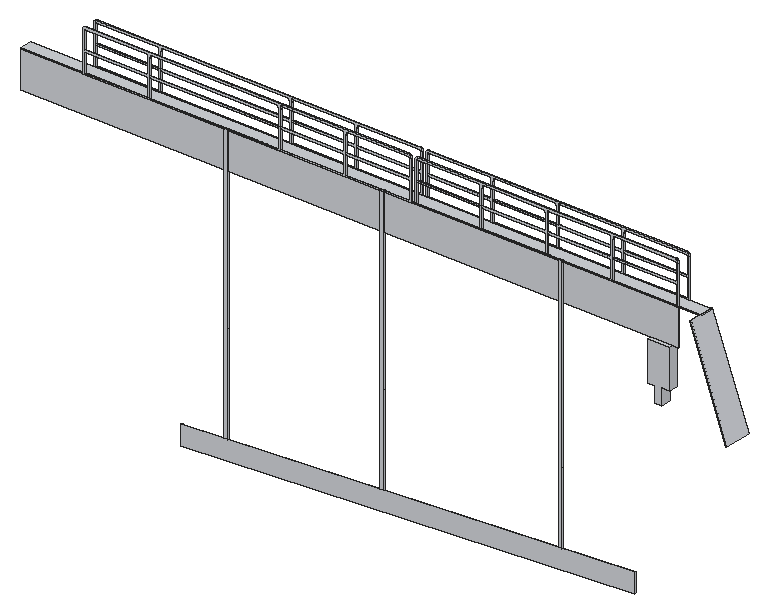
Revit family "Скребок отстойника перила", category Оборудование, Revit 2020
Family settings
  Размер круглого соединителя = Использовать диаметр
  Классификация = Нет
  Тип детали = Нормальный
  На основе рабочей плоскости = Нет
  Всегда вертикально = Да
  При загрузке вырезать с полостями = Нет
  Общий = Нет
  Точка расчета площади = Нет
Parameters
  Отметка по умолчанию = 0 mm
  ADSK_Позиция [instance] = ""
  ADSK_Наименование [instance] = "Скребок отстойника"
  ADSK_Масса [instance] = 0
Reference planes
  plane 1 "По центру (Вперед/Назад)": y = 0
  plane 2: z = 0
  plane 3 "По центру (Влево/Вправо)": x = 0
Forms (mm)
  Extrusion 1, solid
    sketch origin (0, -295, -220) x (1, 0, 0) y (0, 1, 0)
      loop
        line (4517.666, 285) -> (19623.522, 285) -> (19623.522, 590) -> (4517.666, 590) -> (4517.666, 285)
    from 0 to 20
  Extrusion 2, solid
    sketch origin (19604.233, -295, -213.42) x (0.34202, 0, -0.939693) y (0, 1, 0)
      loop
        line (-18.552, 0) -> (2352.606, 0) -> (2352.606, 590) -> (-18.552, 590) -> (-18.552, 0)
    from 0 to 20
  Extrusion 3, solid
    sketch origin (11.859, 10, 785.414) x (1, 0, 0) y (0, 0, 1)
      loop
        line (18148.858, -7038.669) -> (18148.858, -6610.669) -> (8059.853, -7206.774) -> (8059.853, -7634.774) -> (18148.858, -7038.669)
    from 0 to 20
  Extrusion 4, solid
    sketch origin (0, 10, 5487) x (1, 0, 0) y (0, 0, 1)
      loop
        line (4515, -5707) -> (4515, -6511) -> (19116.723, -6511) -> (19116.723, -5707) -> (4515, -5707)
    from 0 to 10
  Extrusion 5, solid
    sketch origin (2100, 10, 0) x (1, 0, 0) y (0, 0, 1)
      loop
        line (6943.522, -200) -> (6943.522, -4167.473) -> (6943.522, -6363.94) -> (7023.522, -6359.214) -> (7023.522, -4167.473) -> (7023.522, -200) -> (6943.522, -200)
      loop
        line (10403.523, -200) -> (10403.523, -4167.473) -> (10403.523, -6159.508) -> (10483.523, -6154.781) -> (10483.523, -4167.473) -> (10483.523, -200) -> (10403.523, -200)
      loop
        line (14363.522, -5925.533) -> (14443.522, -5920.806) -> (14443.522, -4307.071) -> (14443.522, -200) -> (14363.522, -200) -> (14363.522, -4307.071) -> (14363.522, -5925.533)
    from 0 to 20
  Extrusion 6, solid
    sketch origin (0, 10, -220) x (1, 0, 0) y (0, 0, 1)
      loop
        line (13125.824, 946.2) -> (7420.823, 946.2) -> (5970.822, 946.2)
        arc (5970.822, 946.2) -> (5922.243, 926.078) -> (5902.121, 877.499) r 68.701
        line (5902.121, 877.499) -> (5902.121, 0) -> (7352.122, 0) -> (13194.521, 0) -> (13194.521, 877.502)
        arc (13194.521, 877.502) -> (13174.4, 926.079) -> (13125.824, 946.2) r 68.698
      loop
        line (13152.123, 478.75) -> (13152.123, 877.498)
        arc (13152.123, 877.498) -> (13144.42, 896.096) -> (13125.822, 903.8) r 26.301
        line (13125.822, 903.8) -> (11754.323, 903.8) -> (11754.323, 863.8) -> (11744.523, 833.798) -> (11744.523, 478.75) -> (13152.123, 478.75)
      loop
        line (13152.123, 20) -> (13152.123, 445.05) -> (11744.523, 445.05) -> (11744.523, 20) -> (13152.123, 20)
      loop
        line (7352.122, 20) -> (7352.122, 445.05) -> (5944.521, 445.05) -> (5944.521, 20) -> (7352.122, 20)
      loop
        line (7394.522, 445.05) -> (7394.522, 20) -> (10252.121, 20) -> (10252.121, 445.05) -> (7394.522, 445.05)
      loop
        line (7352.122, 478.75) -> (7352.122, 833.798) -> (7342.322, 863.8) -> (7342.322, 903.8) -> (5970.821, 903.8)
        arc (5970.821, 903.8) -> (5952.224, 896.097) -> (5944.521, 877.5) r 26.3
        line (5944.521, 877.5) -> (5944.521, 478.75) -> (7352.122, 478.75)
      loop
        line (7394.522, 478.75) -> (10252.121, 478.75) -> (10252.121, 833.798) -> (10242.322, 863.8) -> (10242.322, 903.8) -> (7404.322, 903.8) -> (7404.322, 863.8) -> (7394.522, 833.798) -> (7394.522, 478.75)
      loop
        line (11702.122, 445.05) -> (10294.522, 445.05) -> (10294.522, 20) -> (11702.122, 20) -> (11702.122, 445.05)
      loop
        line (10294.522, 478.75) -> (11702.122, 478.75) -> (11702.122, 833.798) -> (11692.322, 863.8) -> (11692.322, 903.8) -> (10304.322, 903.8) -> (10304.322, 863.8) -> (10294.522, 833.798) -> (10294.522, 478.75)
    from 0 to 20
  Extrusion 7, solid
    sketch origin (5922.201, 10, -220) x (1, 0, 0) y (0, 0, 1)
      loop
        line (7352.122, 0) -> (13194.521, 0) -> (13194.521, 877.502)
        arc (13194.521, 877.502) -> (13174.4, 926.079) -> (13125.824, 946.2) r 68.698
        line (13125.824, 946.2) -> (7420.823, 946.2)
        arc (7420.823, 946.2) -> (7372.244, 926.078) -> (7352.122, 877.499) r 68.701
        line (7352.122, 877.499) -> (7352.122, 0)
      loop
        line (7394.522, 445.05) -> (7394.522, 20) -> (8802.123, 20) -> (8802.123, 445.05) -> (7394.522, 445.05)
      loop
        line (8792.323, 903.8) -> (7420.822, 903.8)
        arc (7420.822, 903.8) -> (7402.225, 896.097) -> (7394.522, 877.5) r 26.3
        line (7394.522, 877.5) -> (7394.522, 478.75) -> (8802.123, 478.75) -> (8802.123, 833.798) -> (8792.323, 863.8) -> (8792.323, 903.8)
      loop
        line (13152.123, 478.75) -> (13152.123, 877.498)
        arc (13152.123, 877.498) -> (13144.42, 896.096) -> (13125.822, 903.8) r 26.301
        line (13125.822, 903.8) -> (11754.323, 903.8) -> (11754.323, 863.8) -> (11744.523, 833.798) -> (11744.523, 478.75) -> (13152.123, 478.75)
      loop
        line (13152.123, 20) -> (13152.123, 445.05) -> (11744.523, 445.05) -> (11744.523, 20) -> (13152.123, 20)
      loop
        line (8844.523, 445.05) -> (8844.523, 20) -> (10252.121, 20) -> (10252.121, 445.05) -> (8844.523, 445.05)
      loop
        line (8844.523, 478.75) -> (10252.121, 478.75) -> (10252.121, 833.798) -> (10242.322, 863.8) -> (10242.322, 903.8) -> (8854.323, 903.8) -> (8854.323, 863.8) -> (8844.523, 833.798) -> (8844.523, 478.75)
      loop
        line (11702.122, 445.05) -> (10294.522, 445.05) -> (10294.522, 20) -> (11702.122, 20) -> (11702.122, 445.05)
      loop
        line (10294.522, 478.75) -> (11702.122, 478.75) -> (11702.122, 833.798) -> (11692.322, 863.8) -> (11692.322, 903.8) -> (10304.322, 903.8) -> (10304.322, 863.8) -> (10294.522, 833.798) -> (10294.522, 478.75)
    from 0 to 20
  Extrusion 8, solid
    sketch origin (5922.201, 315, -220) x (1, 0, 0) y (0, 0, 1)
      loop
        line (7352.122, 0) -> (13194.521, 0) -> (13194.521, 877.502)
        arc (13194.521, 877.502) -> (13174.4, 926.079) -> (13125.824, 946.2) r 68.698
        line (13125.824, 946.2) -> (7420.823, 946.2)
        arc (7420.823, 946.2) -> (7372.244, 926.078) -> (7352.122, 877.499) r 68.701
        line (7352.122, 877.499) -> (7352.122, 0)
      loop
        line (7394.522, 445.05) -> (7394.522, 20) -> (8802.123, 20) -> (8802.123, 445.05) -> (7394.522, 445.05)
      loop
        line (8792.323, 903.8) -> (7420.822, 903.8)
        arc (7420.822, 903.8) -> (7402.225, 896.097) -> (7394.522, 877.5) r 26.3
        line (7394.522, 877.5) -> (7394.522, 478.75) -> (8802.123, 478.75) -> (8802.123, 833.798) -> (8792.323, 863.8) -> (8792.323, 903.8)
      loop
        line (13152.123, 478.75) -> (13152.123, 877.498)
        arc (13152.123, 877.498) -> (13144.42, 896.096) -> (13125.822, 903.8) r 26.301
        line (13125.822, 903.8) -> (11754.323, 903.8) -> (11754.323, 863.8) -> (11744.523, 833.798) -> (11744.523, 478.75) -> (13152.123, 478.75)
      loop
        line (13152.123, 20) -> (13152.123, 445.05) -> (11744.523, 445.05) -> (11744.523, 20) -> (13152.123, 20)
      loop
        line (8844.523, 445.05) -> (8844.523, 20) -> (10252.121, 20) -> (10252.121, 445.05) -> (8844.523, 445.05)
      loop
        line (8844.523, 478.75) -> (10252.121, 478.75) -> (10252.121, 833.798) -> (10242.322, 863.8) -> (10242.322, 903.8) -> (8854.323, 903.8) -> (8854.323, 863.8) -> (8844.523, 833.798) -> (8844.523, 478.75)
      loop
        line (11702.122, 445.05) -> (10294.522, 445.05) -> (10294.522, 20) -> (11702.122, 20) -> (11702.122, 445.05)
      loop
        line (10294.522, 478.75) -> (11702.122, 478.75) -> (11702.122, 833.798) -> (11692.322, 863.8) -> (11692.322, 903.8) -> (10304.322, 903.8) -> (10304.322, 863.8) -> (10294.522, 833.798) -> (10294.522, 478.75)
    from 0 to 20
  Extrusion 9, solid
    sketch origin (0, 100, -220) x (1, 0, 0) y (0, 0, 1)
      loop
        line (18507.021, -804) -> (18507.021, -1671.465) -> (18670.724, -1671.465) -> (18670.724, -2014) -> (18830.724, -2014) -> (18830.724, -1671.465) -> (18994.427, -1671.465) -> (18994.427, -804) -> (18507.021, -804)
    from 0 to 200
  Extrusion 10, solid
    sketch origin (0, 445, -220) x (1, 0, 0) y (0, 0, 1)
      loop
        line (13125.824, 946.2) -> (7420.823, 946.2) -> (5970.822, 946.2)
        arc (5970.822, 946.2) -> (5922.243, 926.078) -> (5902.121, 877.499) r 68.701
        line (5902.121, 877.499) -> (5902.121, 0) -> (7352.122, 0) -> (13194.521, 0) -> (13194.521, 877.502)
        arc (13194.521, 877.502) -> (13174.4, 926.079) -> (13125.824, 946.2) r 68.698
      loop
        line (13152.123, 478.75) -> (13152.123, 877.498)
        arc (13152.123, 877.498) -> (13144.42, 896.096) -> (13125.822, 903.8) r 26.301
        line (13125.822, 903.8) -> (11754.323, 903.8) -> (11754.323, 863.8) -> (11744.523, 833.798) -> (11744.523, 478.75) -> (13152.123, 478.75)
      loop
        line (13152.123, 20) -> (13152.123, 445.05) -> (11744.523, 445.05) -> (11744.523, 20) -> (13152.123, 20)
      loop
        line (7352.122, 20) -> (7352.122, 445.05) -> (5944.521, 445.05) -> (5944.521, 20) -> (7352.122, 20)
      loop
        line (7394.522, 445.05) -> (7394.522, 20) -> (10252.121, 20) -> (10252.121, 445.05) -> (7394.522, 445.05)
      loop
        line (7352.122, 478.75) -> (7352.122, 833.798) -> (7342.322, 863.8) -> (7342.322, 903.8) -> (5970.821, 903.8)
        arc (5970.821, 903.8) -> (5952.224, 896.097) -> (5944.521, 877.5) r 26.3
        line (5944.521, 877.5) -> (5944.521, 478.75) -> (7352.122, 478.75)
      loop
        line (7394.522, 478.75) -> (10252.121, 478.75) -> (10252.121, 833.798) -> (10242.322, 863.8) -> (10242.322, 903.8) -> (7404.322, 903.8) -> (7404.322, 863.8) -> (7394.522, 833.798) -> (7394.522, 478.75)
      loop
        line (11702.122, 445.05) -> (10294.522, 445.05) -> (10294.522, 20) -> (11702.122, 20) -> (11702.122, 445.05)
      loop
        line (10294.522, 478.75) -> (11702.122, 478.75) -> (11702.122, 833.798) -> (11692.322, 863.8) -> (11692.322, 903.8) -> (10304.322, 903.8) -> (10304.322, 863.8) -> (10294.522, 833.798) -> (10294.522, 478.75)
    from 130 to 150
Lines and regions (mm)
  model lines
    curve 1: line (8071.711, 0, -6429.359) -> (8071.711, 0, -6849.359)
Dimensions and locks
  Extrusion 3 sketch curve to Extrusion 3 sketch curve = 428 mm  (x2)
  Extrusion 1 to Extrusion 2 = 15910 mm
  aligned and locked: level to plane 2
